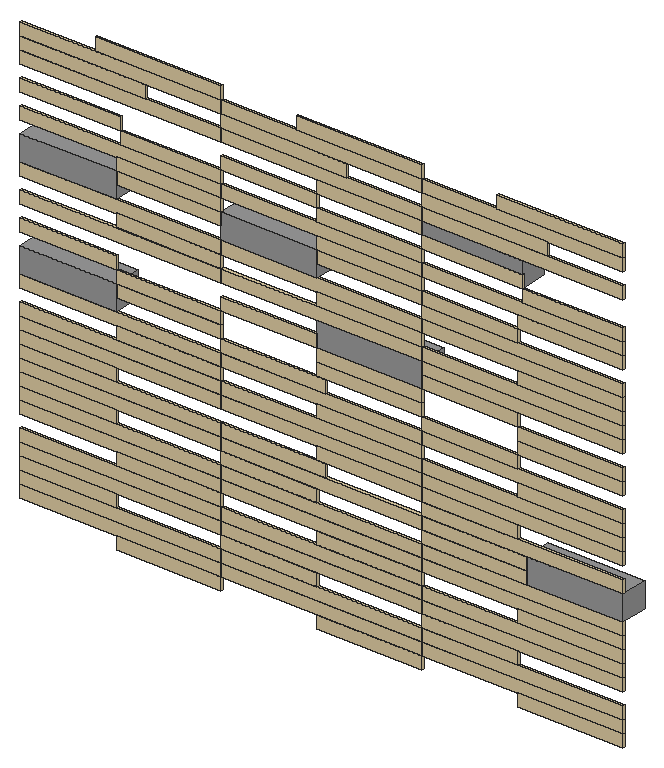
Revit family "Stacked Surfaces 034", category Modelos genéricos, Revit 2020
Family settings
  Anfitrión = Muro
  Puede alojar armadura = No
  Cota de conector redondo = Diámetro de uso
  Tipo de pieza = Normal
  Siempre vertical = Sí
  Corte con vacíos al cargar = No
  Compartido = No
  Punto de cálculo de habitación = No
Parameters
  URL = "https://www.csiposhfelt.com/products/surfaces/stacked-surfaces-034"
  Modelo = "Stacked Surface 034"
  Fabricante = "CSI PoshFelt"
  Elevación por defecto = 0' - 0"
Reference planes (in)
  plane 1: y = 0
  plane 2 "Center (Left/Right)": x = 0
  plane 3 "Wall Edge": y = 3
Forms (in)
  Extrusion 1, solid, material "ELM007"
    sketch origin (6, 3, 15) x (1, 0, 0) y (0, 0, 1)
      loop
        line (-60, 90) -> (-30, 90) -> (-30, 93) -> (-60, 93) -> (-60, 90)
    from 0 to -0.5
  Extrusion 2, solid, material "ELM007"
    sketch origin (6, 3, 12) x (1, 0, 0) y (0, 0, 1)
      loop
        line (-78, 90) -> (-30, 90) -> (-30, 93) -> (-78, 93) -> (-78, 90)
    from 0 to -0.5
  Extrusion 3, solid, material "ELM007"
    sketch origin (-12, 3, 9) x (1, 0, 0) y (0, 0, 1)
      loop
        line (-60, 90) -> (-30, 90) -> (-30, 93) -> (-60, 93) -> (-60, 90)
    from 0 to -0.5
  Extrusion 4, solid, material "ELM007"
    sketch origin (-12, 3, 6) x (1, 0, 0) y (0, 0, 1)
      loop
        line (-60, 90) -> (-12, 90) -> (-12, 93) -> (-60, 93) -> (-60, 90)
    from 0 to -0.5
  Extrusion 5, solid, material "ELM007"
    sketch origin (-12, 3, 0) x (1, 0, 0) y (0, 0, 1)
      loop
        line (-60, 90) -> (-36, 90) -> (-36, 93) -> (-60, 93) -> (-60, 90)
    from 0 to -0.5
  Extrusion 6, solid, material "ELM007"
    sketch origin (6, 3, -3) x (1, 0, 0) y (0, 0, 1)
      loop
        line (-54, 90) -> (-30, 90) -> (-30, 93) -> (-54, 93) -> (-54, 90)
    from 0 to -0.5
  Extrusion 7, solid, material "ELM007"
    sketch origin (-12, 3, -6) x (1, 0, 0) y (0, 0, 1)
      loop
        line (-60, 90) -> (-12, 90) -> (-12, 93) -> (-60, 93) -> (-60, 90)
    from 0 to -0.5
  Extrusion 8, solid, material "ELM007"
    sketch origin (6, 3, -9) x (1, 0, 0) y (0, 0, 1)
      loop
        line (-55, 90) -> (-30, 90) -> (-30, 93) -> (-55, 93) -> (-55, 90)
    from 0 to -0.5
  Extrusion 9, solid, material "ELM007"
    sketch origin (6, 3, -12) x (1, 0, 0) y (0, 0, 1)
      loop
        line (-55, 90) -> (-30, 90) -> (-30, 93) -> (-55, 93) -> (-55, 90)
    from 0 to -0.5
  Extrusion 10, solid, material "ELM007"
    sketch origin (6, 3, -18) x (1, 0, 0) y (0, 0, 1)
      loop
        line (-78, 90) -> (-30, 90) -> (-30, 93) -> (-78, 93) -> (-78, 90)
    from 0 to -0.5
  Extrusion 11, solid, material "ELM007"
    sketch origin (6, 3, -21) x (1, 0, 0) y (0, 0, 1)
      loop
        line (-55, 90) -> (-30, 90) -> (-30, 93) -> (-55, 93) -> (-55, 90)
    from 0 to -0.5
  Extrusion 12, solid, material "ELM007"
    sketch origin (6, 3, -24) x (1, 0, 0) y (0, 0, 1)
      loop
        line (-78, 90) -> (-30, 90) -> (-30, 93) -> (-78, 93) -> (-78, 90)
    from 0 to -0.5
  Extrusion 13, solid, material "ELM007"
    sketch origin (-17, 3, -30) x (1, 0, 0) y (0, 0, 1)
      loop
        line (-55, 90) -> (-32, 90) -> (-32, 93) -> (-55, 93) -> (-55, 90)
    from 0 to -0.5
  Extrusion 14, solid, material "ELM007"
    sketch origin (6, 3, -33) x (1, 0, 0) y (0, 0, 1)
      loop
        line (-55, 90) -> (-30, 90) -> (-30, 93) -> (-55, 93) -> (-55, 90)
    from 0 to -0.5
  Extrusion 15, solid, material "ELM007"
    sketch origin (6, 3, -36) x (1, 0, 0) y (0, 0, 1)
      loop
        line (-55, 90) -> (-30, 90) -> (-30, 93) -> (-55, 93) -> (-55, 90)
    from 0 to -0.5
  Extrusion 16, solid, material "ELM007"
    sketch origin (6, 3, -42) x (1, 0, 0) y (0, 0, 1)
      loop
        line (-78, 90) -> (-30, 90) -> (-30, 93) -> (-78, 93) -> (-78, 90)
    from 0 to -0.5
  Extrusion 17, solid, material "ELM007"
    sketch origin (6, 3, -45) x (1, 0, 0) y (0, 0, 1)
      loop
        line (-55, 90) -> (-30, 90) -> (-30, 93) -> (-55, 93) -> (-55, 90)
    from 0 to -0.5
  Extrusion 18, solid, material "ELM007"
    sketch origin (6, 3, -48) x (1, 0, 0) y (0, 0, 1)
      loop
        line (-78, 90) -> (-30, 90) -> (-30, 93) -> (-78, 93) -> (-78, 90)
    from 0 to -0.5
  Extrusion 19, solid, material "ELM007"
    sketch origin (6, 3, -51) x (1, 0, 0) y (0, 0, 1)
      loop
        line (-78, 90) -> (-30, 90) -> (-30, 93) -> (-78, 93) -> (-78, 90)
    from 0 to -0.5
  Extrusion 20, solid, material "ELM007"
    sketch origin (-17, 3, -54) x (1, 0, 0) y (0, 0, 1)
      loop
        line (-55, 90) -> (-32, 90) -> (-32, 93) -> (-55, 93) -> (-55, 90)
    from 0 to -0.5
  Extrusion 21, solid, material "ELM007"
    sketch origin (6, 3, -57) x (1, 0, 0) y (0, 0, 1)
      loop
        line (-78, 90) -> (-30, 90) -> (-30, 93) -> (-78, 93) -> (-78, 90)
    from 0 to -0.5
  Extrusion 22, solid, material "ELM007"
    sketch origin (6, 3, -60) x (1, 0, 0) y (0, 0, 1)
      loop
        line (-78, 90) -> (-30, 90) -> (-30, 93) -> (-78, 93) -> (-78, 90)
    from 0 to -0.5
  Extrusion 23, solid, material "ELM007"
    sketch origin (-17, 3, -63) x (1, 0, 0) y (0, 0, 1)
      loop
        line (-55, 90) -> (-32, 90) -> (-32, 93) -> (-55, 93) -> (-55, 90)
    from 0 to -0.5
  Extrusion 24, solid, material "ELM007"
    sketch origin (6, 3, -66) x (1, 0, 0) y (0, 0, 1)
      loop
        line (-78, 90) -> (-30, 90) -> (-30, 93) -> (-78, 93) -> (-78, 90)
    from 0 to -0.5
  Extrusion 25, solid, material "ELM007"
    sketch origin (6, 3, -69) x (1, 0, 0) y (0, 0, 1)
      loop
        line (-78, 90) -> (-30, 90) -> (-30, 93) -> (-78, 93) -> (-78, 90)
    from 0 to -0.5
  Extrusion 26, solid, material "ELM007"
    sketch origin (6, 3, -72) x (1, 0, 0) y (0, 0, 1)
      loop
        line (-55, 90) -> (-30, 90) -> (-30, 93) -> (-55, 93) -> (-55, 90)
    from 0 to -0.5
  Extrusion 27, solid, material "ELM007"
    sketch origin (6, 3, -75) x (1, 0, 0) y (0, 0, 1)
      loop
        line (-78, 90) -> (-30, 90) -> (-30, 93) -> (-78, 93) -> (-78, 90)
    from 0 to -0.5
  Extrusion 28, solid, material "ELM007"
    sketch origin (6, 3, -78) x (1, 0, 0) y (0, 0, 1)
      loop
        line (-78, 90) -> (-30, 90) -> (-30, 93) -> (-78, 93) -> (-78, 90)
    from 0 to -0.5
  Extrusion 29, solid, material "ELM007"
    sketch origin (-17, 3, -81) x (1, 0, 0) y (0, 0, 1)
      loop
        line (-55, 90) -> (-32, 90) -> (-32, 93) -> (-55, 93) -> (-55, 90)
    from 0 to -0.5
  Extrusion 30, solid, material "ELM007"
    sketch origin (6, 3, -84) x (1, 0, 0) y (0, 0, 1)
      loop
        line (-78, 90) -> (-30, 90) -> (-30, 93) -> (-78, 93) -> (-78, 90)
    from 0 to -0.5
  Extrusion 31, solid, material "ELM007"
    sketch origin (6, 3, -87) x (1, 0, 0) y (0, 0, 1)
      loop
        line (-78, 90) -> (-30, 90) -> (-30, 93) -> (-78, 93) -> (-78, 90)
    from 0 to -0.5
  Extrusion 32, solid, material "ELM007"
    sketch origin (6, 3, -90) x (1, 0, 0) y (0, 0, 1)
      loop
        line (-55, 90) -> (-30, 90) -> (-30, 93) -> (-55, 93) -> (-55, 90)
    from 0 to -0.5
  Extrusion 33, solid, material "Flower Pot"
    sketch origin (-24, 3, 0) x (1, 0, 0) y (0, 0, 1)
      loop
        line (-25, 81) -> (-48, 81) -> (-48, 75) -> (-25, 75) -> (-25, 81)
      loop
        line (-25, 57) -> (-48, 57) -> (-48, 51) -> (-25, 51) -> (-25, 57)
    from 0 to -6.5
  Extrusion 34, solid, material "ELM007"
    sketch origin (54, 3, 15) x (1, 0, 0) y (0, 0, 1)
      loop
        line (-60, 90) -> (-30, 90) -> (-30, 93) -> (-60, 93) -> (-60, 90)
    from 0 to -0.5
  Extrusion 35, solid, material "ELM007"
    sketch origin (54, 3, 12) x (1, 0, 0) y (0, 0, 1)
      loop
        line (-78, 90) -> (-30, 90) -> (-30, 93) -> (-78, 93) -> (-78, 90)
    from 0 to -0.5
  Extrusion 36, solid, material "ELM007"
    sketch origin (36, 3, 9) x (1, 0, 0) y (0, 0, 1)
      loop
        line (-60, 90) -> (-30, 90) -> (-30, 93) -> (-60, 93) -> (-60, 90)
    from 0 to -0.5
  Extrusion 37, solid, material "ELM007"
    sketch origin (36, 3, 6) x (1, 0, 0) y (0, 0, 1)
      loop
        line (-60, 90) -> (-12, 90) -> (-12, 93) -> (-60, 93) -> (-60, 90)
    from 0 to -0.5
  Extrusion 38, solid, material "ELM007"
    sketch origin (36, 3, 3) x (1, 0, 0) y (0, 0, 1)
      loop
        line (-37, 90) -> (-12, 90) -> (-12, 93) -> (-37, 93) -> (-37, 90)
    from 0 to -0.5
  Extrusion 39, solid, material "ELM007"
    sketch origin (54, 3, 0) x (1, 0, 0) y (0, 0, 1)
      loop
        line (-78, 90) -> (-55, 90) -> (-55, 93) -> (-78, 93) -> (-78, 90)
    from 0 to -0.5
  Extrusion 40, solid, material "ELM007"
    sketch origin (36, 3, -3) x (1, 0, 0) y (0, 0, 1)
      loop
        line (-37, 90) -> (-12, 90) -> (-12, 93) -> (-37, 93) -> (-37, 90)
    from 0 to -0.5
  Extrusion 41, solid, material "ELM007"
    sketch origin (54, 3, -9) x (1, 0, 0) y (0, 0, 1)
      loop
        line (-55, 90) -> (-30, 90) -> (-30, 93) -> (-55, 93) -> (-55, 90)
    from 0 to -0.5
  Extrusion 42, solid, material "ELM007"
    sketch origin (54, 3, -12) x (1, 0, 0) y (0, 0, 1)
      loop
        line (-55, 90) -> (-30, 90) -> (-30, 93) -> (-55, 93) -> (-55, 90)
    from 0 to -0.5
  Extrusion 43, solid, material "ELM007"
    sketch origin (54, 3, -18) x (1, 0, 0) y (0, 0, 1)
      loop
        line (-78, 90) -> (-30, 90) -> (-30, 93) -> (-78, 93) -> (-78, 90)
    from 0 to -0.5
  Extrusion 44, solid, material "ELM007"
    sketch origin (54, 3, -21) x (1, 0, 0) y (0, 0, 1)
      loop
        line (-55, 90) -> (-30, 90) -> (-30, 93) -> (-55, 93) -> (-55, 90)
    from 0 to -0.5
  Extrusion 45, solid, material "ELM007"
    sketch origin (54, 3, -24) x (1, 0, 0) y (0, 0, 1)
      loop
        line (-78, 90) -> (-30, 90) -> (-30, 93) -> (-78, 93) -> (-78, 90)
    from 0 to -0.5
  Extrusion 46, solid, material "ELM007"
    sketch origin (31, 3, -30) x (1, 0, 0) y (0, 0, 1)
      loop
        line (-55, 90) -> (-32, 90) -> (-32, 93) -> (-55, 93) -> (-55, 90)
    from 0 to -0.5
  Extrusion 47, solid, material "ELM007"
    sketch origin (54, 3, -33) x (1, 0, 0) y (0, 0, 1)
      loop
        line (-55, 90) -> (-30, 90) -> (-30, 93) -> (-55, 93) -> (-55, 90)
    from 0 to -0.5
  Extrusion 48, solid, material "ELM007"
    sketch origin (54, 3, -36) x (1, 0, 0) y (0, 0, 1)
      loop
        line (-55, 90) -> (-30, 90) -> (-30, 93) -> (-55, 93) -> (-55, 90)
    from 0 to -0.5
  Extrusion 49, solid, material "ELM007"
    sketch origin (54, 3, -42) x (1, 0, 0) y (0, 0, 1)
      loop
        line (-78, 90) -> (-30, 90) -> (-30, 93) -> (-78, 93) -> (-78, 90)
    from 0 to -0.5
  Extrusion 50, solid, material "ELM007"
    sketch origin (54, 3, -45) x (1, 0, 0) y (0, 0, 1)
      loop
        line (-55, 90) -> (-30, 90) -> (-30, 93) -> (-55, 93) -> (-55, 90)
    from 0 to -0.5
  Extrusion 51, solid, material "ELM007"
    sketch origin (54, 3, -48) x (1, 0, 0) y (0, 0, 1)
      loop
        line (-78, 90) -> (-30, 90) -> (-30, 93) -> (-78, 93) -> (-78, 90)
    from 0 to -0.5
  Extrusion 52, solid, material "ELM007"
    sketch origin (54, 3, -51) x (1, 0, 0) y (0, 0, 1)
      loop
        line (-78, 90) -> (-30, 90) -> (-30, 93) -> (-78, 93) -> (-78, 90)
    from 0 to -0.5
  Extrusion 53, solid, material "ELM007"
    sketch origin (54, 3, -57) x (1, 0, 0) y (0, 0, 1)
      loop
        line (-78, 90) -> (-53, 90) -> (-53, 93) -> (-78, 93) -> (-78, 90)
    from 0 to -0.5
  Extrusion 54, solid, material "ELM007"
    sketch origin (54, 3, -60) x (1, 0, 0) y (0, 0, 1)
      loop
        line (-78, 90) -> (-30, 90) -> (-30, 93) -> (-78, 93) -> (-78, 90)
    from 0 to -0.5
  Extrusion 55, solid, material "ELM007"
    sketch origin (31, 3, -63) x (1, 0, 0) y (0, 0, 1)
      loop
        line (-55, 90) -> (-32, 90) -> (-32, 93) -> (-55, 93) -> (-55, 90)
    from 0 to -0.5
  Extrusion 56, solid, material "ELM007"
    sketch origin (54, 3, -66) x (1, 0, 0) y (0, 0, 1)
      loop
        line (-78, 90) -> (-30, 90) -> (-30, 93) -> (-78, 93) -> (-78, 90)
    from 0 to -0.5
  Extrusion 57, solid, material "ELM007"
    sketch origin (54, 3, -69) x (1, 0, 0) y (0, 0, 1)
      loop
        line (-78, 90) -> (-30, 90) -> (-30, 93) -> (-78, 93) -> (-78, 90)
    from 0 to -0.5
  Extrusion 58, solid, material "ELM007"
    sketch origin (54, 3, -72) x (1, 0, 0) y (0, 0, 1)
      loop
        line (-55, 90) -> (-30, 90) -> (-30, 93) -> (-55, 93) -> (-55, 90)
    from 0 to -0.5
  Extrusion 59, solid, material "ELM007"
    sketch origin (54, 3, -75) x (1, 0, 0) y (0, 0, 1)
      loop
        line (-78, 90) -> (-30, 90) -> (-30, 93) -> (-78, 93) -> (-78, 90)
    from 0 to -0.5
  Extrusion 60, solid, material "ELM007"
    sketch origin (54, 3, -78) x (1, 0, 0) y (0, 0, 1)
      loop
        line (-78, 90) -> (-30, 90) -> (-30, 93) -> (-78, 93) -> (-78, 90)
    from 0 to -0.5
  Extrusion 61, solid, material "ELM007"
    sketch origin (31, 3, -81) x (1, 0, 0) y (0, 0, 1)
      loop
        line (-55, 90) -> (-32, 90) -> (-32, 93) -> (-55, 93) -> (-55, 90)
    from 0 to -0.5
  Extrusion 62, solid, material "ELM007"
    sketch origin (54, 3, -84) x (1, 0, 0) y (0, 0, 1)
      loop
        line (-78, 90) -> (-30, 90) -> (-30, 93) -> (-78, 93) -> (-78, 90)
    from 0 to -0.5
  Extrusion 63, solid, material "ELM007"
    sketch origin (54, 3, -87) x (1, 0, 0) y (0, 0, 1)
      loop
        line (-78, 90) -> (-30, 90) -> (-30, 93) -> (-78, 93) -> (-78, 90)
    from 0 to -0.5
  Extrusion 64, solid, material "ELM007"
    sketch origin (54, 3, -90) x (1, 0, 0) y (0, 0, 1)
      loop
        line (-55, 90) -> (-30, 90) -> (-30, 93) -> (-55, 93) -> (-55, 90)
    from 0 to -0.5
  Extrusion 65, solid, material "Flower Pot"
    sketch origin (24, 3, 0) x (1, 0, 0) y (0, 0, 1)
      loop
        line (-25, 81) -> (-48, 81) -> (-48, 75) -> (-25, 75) -> (-25, 81)
      loop
        line (0, 66) -> (-25, 66) -> (-25, 60) -> (0, 60) -> (0, 66)
    from 0 to -6.5
  Extrusion 66, solid, material "ELM007"
    sketch origin (54, 3, -6) x (1, 0, 0) y (0, 0, 1)
      loop
        line (-78, 90) -> (-30, 90) -> (-30, 93) -> (-78, 93) -> (-78, 90)
    from 0 to -0.5
  Extrusion 67, solid, material "ELM007"
    sketch origin (31, 3, -39) x (1, 0, 0) y (0, 0, 1)
      loop
        line (-55, 90) -> (-30, 90) -> (-30, 93) -> (-55, 93) -> (-55, 90)
    from 0 to -0.5
  Extrusion 68, solid, material "ELM007"
    sketch origin (54, 3, -54) x (1, 0, 0) y (0, 0, 1)
      loop
        line (-55, 90) -> (-30, 90) -> (-30, 93) -> (-55, 93) -> (-55, 90)
    from 0 to -0.5
  Extrusion 69, solid, material "ELM007"
    sketch origin (102, 3, 15) x (1, 0, 0) y (0, 0, 1)
      loop
        line (-60, 90) -> (-30, 90) -> (-30, 93) -> (-60, 93) -> (-60, 90)
    from 0 to -0.5
  Extrusion 70, solid, material "ELM007"
    sketch origin (102, 3, 12) x (1, 0, 0) y (0, 0, 1)
      loop
        line (-78, 90) -> (-30, 90) -> (-30, 93) -> (-78, 93) -> (-78, 90)
    from 0 to -0.5
  Extrusion 71, solid, material "ELM007"
    sketch origin (84, 3, 9) x (1, 0, 0) y (0, 0, 1)
      loop
        line (-60, 90) -> (-30, 90) -> (-30, 93) -> (-60, 93) -> (-60, 90)
    from 0 to -0.5
  Extrusion 72, solid, material "ELM007"
    sketch origin (84, 3, 6) x (1, 0, 0) y (0, 0, 1)
      loop
        line (-60, 90) -> (-12, 90) -> (-12, 93) -> (-60, 93) -> (-60, 90)
    from 0 to -0.5
  Extrusion 73, solid, material "ELM007"
    sketch origin (84, 3, 0) x (1, 0, 0) y (0, 0, 1)
      loop
        line (-60, 90) -> (-36, 90) -> (-36, 93) -> (-60, 93) -> (-60, 90)
    from 0 to -0.5
  Extrusion 74, solid, material "ELM007"
    sketch origin (102, 3, -3) x (1, 0, 0) y (0, 0, 1)
      loop
        line (-54, 90) -> (-30, 90) -> (-30, 93) -> (-54, 93) -> (-54, 90)
    from 0 to -0.5
  Extrusion 75, solid, material "ELM007"
    sketch origin (84, 3, -6) x (1, 0, 0) y (0, 0, 1)
      loop
        line (-60, 90) -> (-12, 90) -> (-12, 93) -> (-60, 93) -> (-60, 90)
    from 0 to -0.5
  Extrusion 76, solid, material "ELM007"
    sketch origin (102, 3, -9) x (1, 0, 0) y (0, 0, 1)
      loop
        line (-55, 90) -> (-30, 90) -> (-30, 93) -> (-55, 93) -> (-55, 90)
    from 0 to -0.5
  Extrusion 77, solid, material "ELM007"
    sketch origin (79, 3, -12) x (1, 0, 0) y (0, 0, 1)
      loop
        line (-55, 90) -> (-32, 90) -> (-32, 93) -> (-55, 93) -> (-55, 90)
    from 0 to -0.5
  Extrusion 78, solid, material "ELM007"
    sketch origin (102, 3, -18) x (1, 0, 0) y (0, 0, 1)
      loop
        line (-78, 90) -> (-30, 90) -> (-30, 93) -> (-78, 93) -> (-78, 90)
    from 0 to -0.5
  Extrusion 79, solid, material "ELM007"
    sketch origin (102, 3, -21) x (1, 0, 0) y (0, 0, 1)
      loop
        line (-55, 90) -> (-30, 90) -> (-30, 93) -> (-55, 93) -> (-55, 90)
    from 0 to -0.5
  Extrusion 80, solid, material "ELM007"
    sketch origin (102, 3, -24) x (1, 0, 0) y (0, 0, 1)
      loop
        line (-78, 90) -> (-30, 90) -> (-30, 93) -> (-78, 93) -> (-78, 90)
    from 0 to -0.5
  Extrusion 81, solid, material "ELM007"
    sketch origin (79, 3, -30) x (1, 0, 0) y (0, 0, 1)
      loop
        line (-55, 90) -> (-32, 90) -> (-32, 93) -> (-55, 93) -> (-55, 90)
    from 0 to -0.5
  Extrusion 82, solid, material "ELM007"
    sketch origin (102, 3, -33) x (1, 0, 0) y (0, 0, 1)
      loop
        line (-55, 90) -> (-30, 90) -> (-30, 93) -> (-55, 93) -> (-55, 90)
    from 0 to -0.5
  Extrusion 83, solid, material "ELM007"
    sketch origin (102, 3, -36) x (1, 0, 0) y (0, 0, 1)
      loop
        line (-55, 90) -> (-30, 90) -> (-30, 93) -> (-55, 93) -> (-55, 90)
    from 0 to -0.5
  Extrusion 84, solid, material "ELM007"
    sketch origin (102, 3, -42) x (1, 0, 0) y (0, 0, 1)
      loop
        line (-78, 90) -> (-30, 90) -> (-30, 93) -> (-78, 93) -> (-78, 90)
    from 0 to -0.5
  Extrusion 85, solid, material "ELM007"
    sketch origin (102, 3, -45) x (1, 0, 0) y (0, 0, 1)
      loop
        line (-55, 90) -> (-30, 90) -> (-30, 93) -> (-55, 93) -> (-55, 90)
    from 0 to -0.5
  Extrusion 86, solid, material "ELM007"
    sketch origin (102, 3, -48) x (1, 0, 0) y (0, 0, 1)
      loop
        line (-78, 90) -> (-30, 90) -> (-30, 93) -> (-78, 93) -> (-78, 90)
    from 0 to -0.5
  Extrusion 87, solid, material "ELM007"
    sketch origin (102, 3, -51) x (1, 0, 0) y (0, 0, 1)
      loop
        line (-78, 90) -> (-30, 90) -> (-30, 93) -> (-78, 93) -> (-78, 90)
    from 0 to -0.5
  Extrusion 88, solid, material "ELM007"
    sketch origin (79, 3, -54) x (1, 0, 0) y (0, 0, 1)
      loop
        line (-55, 90) -> (-32, 90) -> (-32, 93) -> (-55, 93) -> (-55, 90)
    from 0 to -0.5
  Extrusion 89, solid, material "ELM007"
    sketch origin (102, 3, -57) x (1, 0, 0) y (0, 0, 1)
      loop
        line (-78, 90) -> (-30, 90) -> (-30, 93) -> (-78, 93) -> (-78, 90)
    from 0 to -0.5
  Extrusion 90, solid, material "ELM007"
    sketch origin (102, 3, -60) x (1, 0, 0) y (0, 0, 1)
      loop
        line (-78, 90) -> (-53, 90) -> (-53, 93) -> (-78, 93) -> (-78, 90)
    from 0 to -0.5
  Extrusion 91, solid, material "ELM007"
    sketch origin (79, 3, -63) x (1, 0, 0) y (0, 0, 1)
      loop
        line (-55, 90) -> (-30, 90) -> (-30, 93) -> (-55, 93) -> (-55, 90)
    from 0 to -0.5
  Extrusion 92, solid, material "ELM007"
    sketch origin (102, 3, -66) x (1, 0, 0) y (0, 0, 1)
      loop
        line (-78, 90) -> (-30, 90) -> (-30, 93) -> (-78, 93) -> (-78, 90)
    from 0 to -0.5
  Extrusion 93, solid, material "ELM007"
    sketch origin (102, 3, -69) x (1, 0, 0) y (0, 0, 1)
      loop
        line (-78, 90) -> (-30, 90) -> (-30, 93) -> (-78, 93) -> (-78, 90)
    from 0 to -0.5
  Extrusion 94, solid, material "ELM007"
    sketch origin (102, 3, -72) x (1, 0, 0) y (0, 0, 1)
      loop
        line (-55, 90) -> (-30, 90) -> (-30, 93) -> (-55, 93) -> (-55, 90)
    from 0 to -0.5
  Extrusion 95, solid, material "ELM007"
    sketch origin (102, 3, -75) x (1, 0, 0) y (0, 0, 1)
      loop
        line (-78, 90) -> (-30, 90) -> (-30, 93) -> (-78, 93) -> (-78, 90)
    from 0 to -0.5
  Extrusion 96, solid, material "ELM007"
    sketch origin (102, 3, -78) x (1, 0, 0) y (0, 0, 1)
      loop
        line (-78, 90) -> (-30, 90) -> (-30, 93) -> (-78, 93) -> (-78, 90)
    from 0 to -0.5
  Extrusion 97, solid, material "ELM007"
    sketch origin (79, 3, -81) x (1, 0, 0) y (0, 0, 1)
      loop
        line (-55, 90) -> (-32, 90) -> (-32, 93) -> (-55, 93) -> (-55, 90)
    from 0 to -0.5
  Extrusion 98, solid, material "ELM007"
    sketch origin (102, 3, -84) x (1, 0, 0) y (0, 0, 1)
      loop
        line (-78, 90) -> (-30, 90) -> (-30, 93) -> (-78, 93) -> (-78, 90)
    from 0 to -0.5
  Extrusion 99, solid, material "ELM007"
    sketch origin (102, 3, -87) x (1, 0, 0) y (0, 0, 1)
      loop
        line (-78, 90) -> (-30, 90) -> (-30, 93) -> (-78, 93) -> (-78, 90)
    from 0 to -0.5
  Extrusion 100, solid, material "ELM007"
    sketch origin (102, 3, -90) x (1, 0, 0) y (0, 0, 1)
      loop
        line (-55, 90) -> (-30, 90) -> (-30, 93) -> (-55, 93) -> (-55, 90)
    from 0 to -0.5
  Extrusion 101, solid, material "Flower Pot"
    sketch origin (72, 3, 0) x (1, 0, 0) y (0, 0, 1)
      loop
        line (0, 33) -> (-23, 33) -> (-23, 27) -> (0, 27) -> (0, 33)
      loop
        line (-24, 96) -> (-48, 96) -> (-48, 90) -> (-24, 90) -> (-24, 96)
    from 0 to -6.5
  Extrusion 102, solid, material "ELM007"
    sketch origin (102, 3, -15) x (1, 0, 0) y (0, 0, 1)
      loop
        line (-78, 90) -> (-30, 90) -> (-30, 93) -> (-78, 93) -> (-78, 90)
    from 0 to -0.5
  Extrusion 103, solid, material "ELM007"
    sketch origin (79, 3, -39) x (1, 0, 0) y (0, 0, 1)
      loop
        line (-55, 90) -> (-32, 90) -> (-32, 93) -> (-55, 93) -> (-55, 90)
    from 0 to -0.5
  Extrusion 104, solid, material "ELM007"
    sketch origin (102, 3, -27) x (1, 0, 0) y (0, 0, 1)
      loop
        line (-78, 90) -> (-30, 90) -> (-30, 93) -> (-78, 93) -> (-78, 90)
    from 0 to -0.5
Lines and regions (in)
  reference lines
    curve 1: line (0, 3, 108) -> (-48, 3, 108)
    curve 2: line (-48, 3, 108) -> (-48, 3, 0)
    curve 3: line (-48, 3, 0) -> (0, 3, 0)
    curve 4: line (0, 3, 0) -> (0, 3, 108)
    curve 5: line (48, 3, 108) -> (0, 3, 108)
    curve 6: line (0, 3, 0) -> (48, 3, 0)
    curve 7: line (48, 3, 0) -> (48, 3, 108)
Text (in)
  text "Placement Side" at (0, 40.15149, 123.01588), in view "Right"
  text "Placement Side" at (-70.3804, 28.46503, 0), in view "Ref. Level"
  text "Placement Side" at (0, 81.62555, 140.59947), in view "Left"
Dimensions and locks (in)
  locked: plane 3 "Wall Edge" to host wall
